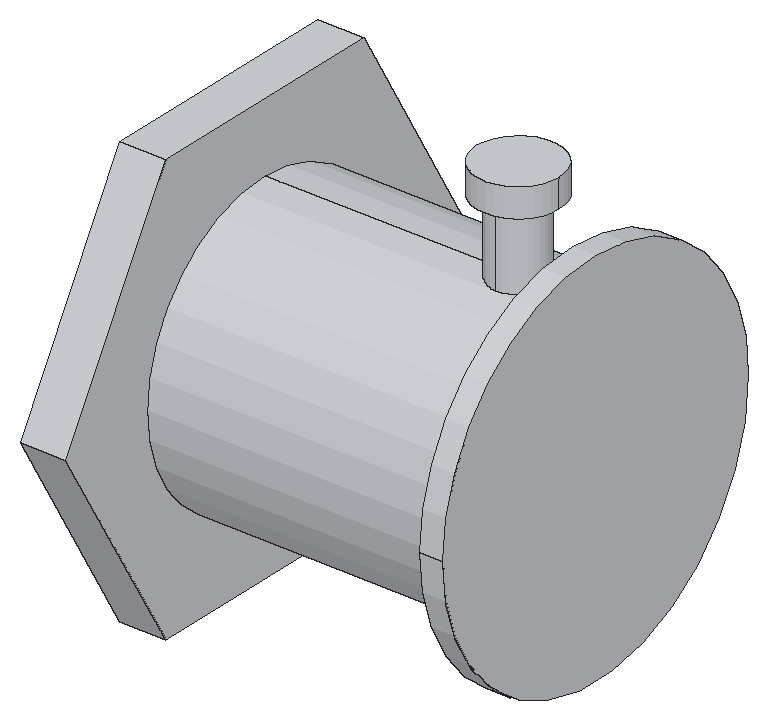
Revit family "53c0be11b1a2437e86054bc0be76c04e", category Conduit Fittings, Revit 2021
Family settings
  Round Connector Dimension = Use Radius
  Part Type = Multi Port
  OmniClass Number = 23.80.30.17.11
  OmniClass Title = Conduits
  Work Plane-Based = No
  Always vertical = Yes
  Cut with Voids When Loaded = No
  Shared = No
Parameters (values of type "Standard")
  Thread Length [instance] = 0.2 * Length  # 0.23125"
  Radius 2 [instance] = 0.75 * Length 5  # 0.10045"
  Radius 1 [instance] = 0.5 * Length 5  # 0.06696"
  Nut Thickness [instance] = 0.12 * End Outside Diameter  # 0.1125"
  Nominal Radius [instance] = 1/4"
  Nominal Diameter [instance] = Nominal Radius * 2  # 1/2"
  Length 6 [instance] = 0.15 * End Outside Radius  # 9/128"
  Length 5 [instance] = End Outside Diameter / 7  # 0.13393"
  Length 4 [instance] = Length 2 * cos(30.00°)  # 0.52773"
  Length 3 [instance] = Length 2 * sin(30.00°)  # 39/128"
  Length 2 [instance] = 1.3 * End Outside Radius  # 39/64"
  Length 1 [instance] = Length - Thread Length  # 0.925"
  Fitting Outside Radius [instance] = Fitting Outside Diameter / 2  # 23/64"
  Fitting Outside Diameter [instance] = size_lookup(Conduit Size Lookup, "FOD", 1.11 * Nominal Diameter + 13/128", Nominal Diameter)  # 23/32"
  End Thickness [instance] = 0.06 * End Outside Diameter  # 0.05625"
  End Outside Radius [instance] = End Outside Diameter / 2  # 15/32"
  End Outside Diameter [instance] = size_lookup(Conduit Size Lookup, "EOD", 1.22 * Nominal Diameter + 1/4", Nominal Diameter)  # 15/16"
  Length [instance] = size_lookup(Conduit Size Lookup, "Lgt", 0.76 * Nominal Diameter + 241/256", Nominal Diameter)  # 1 5/32"
  Default Elevation = 0' - 0"
  Conduit Size Lookup = "Conduit Connector - Set Screw - Die Cast Zinc"
Reference planes (in)
  plane 1 "Center (Front/Back)": y = 0
  plane 2: z = 0
  plane 3 "Center (Left/Right)": x = 0
  plane 4: y = 0.60937
  plane 5: y = -0.60938
  plane 6: y = 0.30469
  plane 7: y = -0.30469
  plane 8: z = 0.52773
  plane 9: z = -0.52773
  plane 10: z = 0.60937
  plane 11: x = 0.86875
  plane 12: x = 0.73482
  plane 13: x = 0.925
  plane 14: x = 0.1125
  plane 15: z = 0.53906
Forms (in)
  Extrusion 1, solid, detail levels fine
    sketch origin (0, 0, 0) x (0, 1, 0) y (0, 0, 1)
      loop
        line (0.30469, 0.52773) -> (-0.30469, 0.52773) -> (-0.60938, 0) -> (-0.30469, -0.52773) -> (0.30469, -0.52773) -> (0.60937, 0) -> (0.30469, 0.52773)
    from 0 to 0.1125
  Extrusion 2, solid, detail levels fine
    sketch origin (0, 0, 0) x (0, 1, 0) y (0, 0, 1)
      loop
        circle (0, 0) r 0.25
    from 0 to 0.1125
  Sweep 3, solid, detail levels fine
    path origin (0, 0, 0) x (1, 0, 0) y (0, 1, 0)
      loop
        line (0.86875, 0) -> (0.925, 0)
    profile origin (0.89688, 0, 0) x (0, 1, 0) y (0, 0, 1)
      loop
        circle (0, 0) r 0.46875
  Sweep 4, solid, detail levels fine
    path origin (0, 0, 0) x (1, 0, 0) y (0, 0, 1)
      loop
        line (0.73482, 0.53906) -> (0.73482, 0.60937)
    profile origin (0.73482, 0, 0.57422) x (-1, 0, 0) y (0, -1, 0)
      loop
        circle (0, 0) r 0.10045
  Sweep 5, solid, detail levels fine
    path origin (0, 0, 0) x (1, 0, 0) y (0, 0, 1)
      loop
        line (0.73482, 0.53906) -> (0.73482, 0)
    profile origin (0.73482, 0, 0.26953) x (0, -1, 0) y (1, 0, 0)
      loop
        circle (0, 0) r 0.06696
  Sweep 6, solid, detail levels fine
    path origin (0, 0, 0) x (1, 0, 0) y (0, 0, 1)
      loop
        line (0.1125, 0) -> (0.86875, 0)
    profile origin (0.49063, 0, 0) x (0, 0, 1) y (0, -1, 0)
      loop
        circle (0, 0) r 0.35938
Cuts and joins
  joined: Extrusion 1, Extrusion 2, Sweep 3, Sweep 4, Sweep 5, Sweep 6
Lines and regions (in)
  model lines, detail levels coarse+medium
    curve 1: line (0, 0, 0) -> (0.1125, 0, 0)
    curve 2: line (0, 0, 0) -> (0.925, 0, 0)
Dimensions and locks (in)
  "Length 2": plane 4 to plane 1 "Center (Front/Back)"
  equal spacing: plane 4, plane 1 "Center (Front/Back)", plane 5
  "Length 3": plane 6 to plane 1 "Center (Front/Back)"
  equal spacing: plane 6, plane 1 "Center (Front/Back)", plane 7
  "Length 4": plane 8 to plane 2
  equal spacing: plane 8, plane 2, plane 9
  "Length 4": Extrusion 1 sketch curve to plane 2
  "Length 4": plane 1 "Center (Front/Back)" to Extrusion 1 sketch curve
  "Length 4": Extrusion 1 sketch curve to plane 1 "Center (Front/Back)"
  "Length 2": plane 10 to plane 2
  "Length 5": plane 12 to plane 11
  "End Thickness": plane 11 to plane 13
  "Nut Thickness": plane 3 "Center (Left/Right)" to plane 14
  "Length 1": plane 3 "Center (Left/Right)" to plane 13
  "Length 4": plane 9 to plane 2
  "Length 6": plane 15 to plane 10
  "Nominal Radius": radius of Extrusion 2 sketch curve
  "End Outside Radius": radius of Sweep 3 sketch curve
  "Radius 2": radius of Sweep 4 sketch curve
  "Radius 1": radius of Sweep 5 sketch curve
  "Fitting Outside Radius": radius of Sweep 6 sketch curve
  aligned and locked: plane 6 to Extrusion 1 sketch curve
  aligned and locked: Extrusion 1 sketch curve to plane 8
  aligned and locked: plane 7 to Extrusion 1 sketch curve  (x2)
  aligned and locked: plane 9 to Extrusion 1 sketch curve  (x2)
  aligned and locked: plane 2 to Extrusion 1 sketch curve
  aligned and locked: plane 5 to Extrusion 1 sketch curve
  aligned and locked: plane 4 to Extrusion 1 sketch curve
  aligned and locked: Extrusion 1 to plane 3 "Center (Left/Right)"
  aligned and locked: plane 3 "Center (Left/Right)" to curve 1
  aligned and locked: plane 1 "Center (Front/Back)" to curve 1
  aligned and locked: plane 1 "Center (Front/Back)" to Extrusion 2 sketch curve
  aligned and locked: plane 2 to Extrusion 2 sketch curve
  aligned: Extrusion 2 to plane 3 "Center (Left/Right)"
  aligned and locked: plane 3 "Center (Left/Right)" to curve 2
  aligned and locked: curve 2 to level
  aligned and locked: plane 1 "Center (Front/Back)" to Sweep 3 sketch curve  (x2)
  aligned and locked: plane 13 to Sweep 3 sketch curve
  aligned and locked: plane 11 to Sweep 3 sketch curve
  aligned and locked: plane 2 to Sweep 3 sketch curve
  aligned and locked: Sweep 4 sketch curve to plane 12
  aligned and locked: plane 10 to Sweep 4 sketch curve
  aligned and locked: plane 15 to Sweep 4 sketch curve
  aligned and locked: plane 12 to Sweep 4 sketch curve
  aligned and locked: plane 1 "Center (Front/Back)" to Sweep 4 sketch curve
  aligned and locked: Extrusion 1 to plane 14
  aligned and locked: Sweep 5 sketch curve to plane 12
  aligned and locked: plane 15 to Sweep 5 sketch curve
  aligned and locked: plane 2 to Sweep 5 sketch curve
  aligned and locked: plane 1 "Center (Front/Back)" to Sweep 5 sketch curve
  aligned and locked: plane 12 to Sweep 5 sketch curve
  aligned and locked: plane 14 to Sweep 6 sketch curve
  aligned and locked: plane 11 to Sweep 6 sketch curve
  aligned and locked: Sweep 6 sketch curve to plane 2
  aligned and locked: plane 1 "Center (Front/Back)" to Sweep 6 sketch curve
  aligned and locked: plane 2 to Sweep 6 sketch curve
Automatic sketch dimensions
  plane 11 to curve 2 = 0' - 0.05625"
  plane 3 "Center (Left/Right)" to curve 1 = 0' - 0.1125"
Connectors (in)
  cabletrayconduit at (0, 0, 0), diameter 0.5, driven by "Nominal Radius"
    settings: on Extrusion 2, index 1, connector width 1' - 0", connector height 1' - 0", connector angle 0.00°, system type 32, placement type 0, profile type 0, connector reference index 2, is primary connector yes, connector utility param no, connector description ""
  cabletrayconduit at (0.925, 0, 0), diameter 0.5, driven by "Nominal Radius"
    settings: on Sweep 3, index 2, connector width 1' - 0", connector height 1' - 0", connector angle 0.00°, system type 32, placement type 0, profile type 0, connector reference index 1, is primary connector no, connector utility param no, connector description ""
